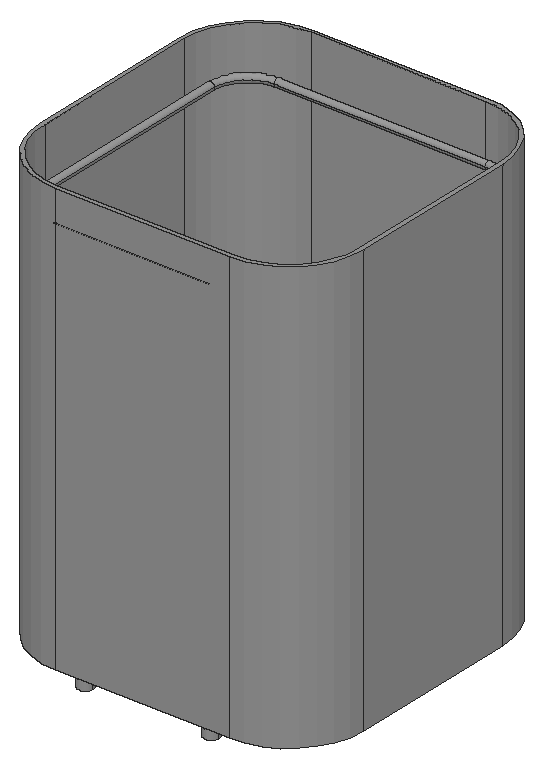
Revit family "Magnuson-Drop-Waste_Bin-Without_Lid-1", category Furniture, Revit 2014
Parameters (values of type "Drop Mini")
  Width = 220.000 mm
  URL = "www.magnusongroup.com"
  Type Comments = "Drop Waste Receptacles"  # constant formula
  Salvage or Reuse = yes
  Percentage of Recycled Content = 0
  Painted Steel = Forged Grey
  Model = "Drop Mini"
  Manufacturer = "Magnuson Group"  # constant formula
  Low Emitting Material = yes
  Low Emitting Finish = yes
  Keynote = "12500"
  Height = 300.000 mm
  Description = "Metal waste bin with stainless steel bag ring. Capacity 9.51 gallons"
  Depth = 220.000 mm
  Cost = 0
  Assembly Code = "E2020200"
Types (3, lengths in mm): name | Width | Model | Height | Description | Depth
  Drop-10 | 350.000 | "Drop-10" | 373.000 | "Metal waste bin with stainless steel bag ring. Capacity 7.66 gallons" | 220.000
  Drop-20 | 420.000 | "Drop-20" | 480.000 | "Metal waste bin with stainless steel bag ring. Capacity 9.51 gallons" | 180.000
  Drop Mini | 220.000 | "Drop Mini" | 300.000 | "Metal waste bin with stainless steel bag ring. Capacity 9.51 gallons" | 220.000
Reference planes
  plane 1 "Center (Front/Back)": y = 0
  plane 2: z = 0
  plane 3 "Center (Left/Right)": x = 0
  plane 4: y = 110
  plane 5: y = -110
  plane 6: x = -110
  plane 7: x = 110
  plane 8: z = 300
  plane 9: z = 6.35
  plane 10: z = 270.511
  plane 11: z = 8.89
  plane 12: y = 104.92
  plane 13: y = -104.92
  plane 14: x = 42.842
  plane 15: x = -42.842
  plane 16: x = -107.46
  plane 17: x = 107.46
  plane 18: y = 107.46
  plane 19: y = -107.46
  plane 20: y = 94.557
  plane 21: y = -94.557
  plane 22: x = -97.148
  plane 23: x = 97.148
  plane 24: x = 99.688
  plane 25: x = 94.608
  plane 26: x = -94.608
  plane 27: x = -99.688
  plane 28: y = 92.017
  plane 29: y = 97.097
  plane 30: y = -92.017
  plane 31: y = -97.097
Forms (mm)
  Extrusion 1, solid, material "Forged Grey" <- "Painted Steel"
    sketch origin (0, 0, 0) x (1, 0, 0) y (0, 1, 0)
      loop
        arc (-59.2, 110) -> (-95.121, 95.121) -> (-110, 59.2) r 50.8
        line (-110, 59.2) -> (-110, -59.2)
        arc (-110, -59.2) -> (-95.121, -95.121) -> (-59.2, -110) r 50.8
        line (-59.2, -110) -> (59.2, -110)
        arc (59.2, -110) -> (95.121, -95.121) -> (110, -59.2) r 50.8
        line (110, -59.2) -> (110, 59.2)
        arc (110, 59.2) -> (95.121, 95.121) -> (59.2, 110) r 50.8
        line (59.2, 110) -> (-59.2, 110)
      loop
        arc (-59.2, 107.46) -> (-93.325, 93.325) -> (-107.46, 59.2) r 48.26
        line (-107.46, 59.2) -> (-107.46, -59.2)
        arc (-107.46, -59.2) -> (-93.325, -93.325) -> (-59.2, -107.46) r 48.26
        line (-59.2, -107.46) -> (59.2, -107.46)
        arc (59.2, -107.46) -> (93.325, -93.325) -> (107.46, -59.2) r 48.26
        line (107.46, -59.2) -> (107.46, 59.2)
        arc (107.46, 59.2) -> (93.325, 93.325) -> (59.2, 107.46) r 48.26
        line (59.2, 107.46) -> (-59.2, 107.46)
    from 6.35 to 300
  Extrusion 2, solid
    sketch origin (0, 0, 0) x (1, 0, 0) y (0, 1, 0)
      loop
        line (-107.46, 59.2) -> (-107.46, -59.2)
        arc (-107.46, -59.2) -> (-93.325, -93.325) -> (-59.2, -107.46) r 48.26
        line (-59.2, -107.46) -> (59.2, -107.46)
        arc (59.2, -107.46) -> (93.325, -93.325) -> (107.46, -59.2) r 48.26
        line (107.46, -59.2) -> (107.46, 59.2)
        arc (107.46, 59.2) -> (93.325, 93.325) -> (59.2, 107.46) r 48.26
        line (59.2, 107.46) -> (-59.2, 107.46)
        arc (-59.2, 107.46) -> (-93.325, 93.325) -> (-107.46, 59.2) r 48.26
    from 6.35 to 8.89
  Extrusion 3, solid, material "PVC_Black"
    sketch origin (0, 0, 0) x (1, 0, 0) y (0, 1, 0)
      loop
        circle (42.842, 104.92) r 5.08
      loop
        circle (42.842, -104.92) r 5.08
      loop
        circle (-42.842, 104.92) r 5.08
      loop
        circle (-42.842, -104.92) r 5.08
    from 0 to 6.35
  Sweep 4, solid, material "Stainless Steel"
    path origin (-247.116, -1524, 270.511) x (-1, 0, 0) y (0, -1, 0)
      loop
        line (-149.968, -1593.157) -> (-149.968, -1454.843)
        arc (-149.968, -1454.843) -> (-157.407, -1436.883) -> (-175.368, -1429.443) r 25.4
        line (-175.368, -1429.443) -> (-318.863, -1429.443)
        arc (-318.863, -1429.443) -> (-336.824, -1436.883) -> (-344.263, -1454.843) r 25.4
        line (-344.263, -1454.843) -> (-344.263, -1593.157)
        arc (-344.263, -1593.157) -> (-336.824, -1611.117) -> (-318.863, -1618.557) r 25.4
        line (-318.863, -1618.557) -> (-175.368, -1618.557)
        arc (-175.368, -1618.557) -> (-157.407, -1611.117) -> (-149.968, -1593.157) r 25.4
    profile origin (-89.708, 87.117, 270.511) x (-0.707107, 0.707107, 0) y (0, 0, 1)
      loop
        circle (0, 0) r 2.54
Lines and regions (mm)
  symbolic lines, style "InvisibleLines"
    curve 1: line (-71.748, 94.557, 0) -> (71.748, 94.557, 0)
    curve 2: line (-97.148, -69.157, 0) -> (-97.148, 69.157, 0)
    curve 3: line (71.748, -94.557, 0) -> (-71.748, -94.557, 0)
    curve 4: line (97.148, 69.157, 0) -> (97.148, -69.157, 0)
    curve 5: arc (-97.148, 69.157, 0) -> (-89.708, 87.117, 0) -> (-71.748, 94.557, 0) r 25.4
    curve 6: arc (97.148, 69.157, 0) -> (89.708, 87.117, 0) -> (71.748, 94.557, 0) r 25.4
    curve 7: arc (-97.148, -69.157, 0) -> (-89.708, -87.117, 0) -> (-71.748, -94.557, 0) r 25.4
    curve 8: arc (97.148, -69.157, 0) -> (89.708, -87.117, 0) -> (71.748, -94.557, 0) r 25.4
  symbolic lines
    curve 9: line (59.2, 110, 270.511) -> (-59.2, 110, 270.511)
    curve 10: arc (-59.2, 110, 270.511) -> (-95.121, 95.121, 270.511) -> (-110, 59.2, 270.511) r 50.8
    curve 11: line (-110, 59.2, 270.511) -> (-110, -59.2, 270.511)
    curve 12: arc (-110, -59.2, 270.511) -> (-95.121, -95.121, 270.511) -> (-59.2, -110, 270.511) r 50.8
    curve 13: line (-59.2, -110, 270.511) -> (59.2, -110, 270.511)
    curve 14: arc (59.2, -110, 270.511) -> (95.121, -95.121, 270.511) -> (110, -59.2, 270.511) r 50.8
    curve 15: line (110, -59.2, 270.511) -> (110, 59.2, 270.511)
    curve 16: arc (110, 59.2, 270.511) -> (95.121, 95.121, 270.511) -> (59.2, 110, 270.511) r 50.8
    curve 17: arc (-107.46, 59.2, 270.511) -> (-93.325, 93.325, 270.511) -> (-59.2, 107.46, 270.511) r 48.26
    curve 18: line (-59.2, 107.46, 270.511) -> (59.2, 107.46, 270.511)
    curve 19: arc (59.2, 107.46, 270.511) -> (93.325, 93.325, 270.511) -> (107.46, 59.2, 270.511) r 48.26
    curve 20: line (107.46, 59.2, 270.511) -> (107.46, -59.2, 270.511)
    curve 21: arc (107.46, -59.2, 270.511) -> (93.325, -93.325, 270.511) -> (59.2, -107.46, 270.511) r 48.26
    curve 22: line (59.2, -107.46, 270.511) -> (-59.2, -107.46, 270.511)
    curve 23: arc (-59.2, -107.46, 270.511) -> (-93.325, -93.325, 270.511) -> (-107.46, -59.2, 270.511) r 48.26
    curve 24: line (-107.46, -59.2, 270.511) -> (-107.46, 59.2, 270.511)
    curve 25: line (-71.748, -92.017, 270.511) -> (71.748, -92.017, 270.511)
    curve 26: line (71.748, -97.097, 270.511) -> (-71.748, -97.097, 270.511)
    curve 27: line (-99.688, -69.157, 270.511) -> (-99.688, 69.157, 270.511)
    curve 28: line (-94.608, 69.157, 270.511) -> (-94.608, -69.157, 270.511)
    curve 29: line (71.748, 92.017, 270.511) -> (-71.748, 92.017, 270.511)
    curve 30: line (-71.748, 97.097, 270.511) -> (71.748, 97.097, 270.511)
    curve 31: line (94.608, -69.157, 270.511) -> (94.608, 69.157, 270.511)
    curve 32: line (99.688, 69.157, 270.511) -> (99.688, -69.157, 270.511)
    curve 33: arc (-99.688, 69.157, 270.511) -> (-91.504, 88.913, 270.511) -> (-71.748, 97.097, 270.511) r 27.94
    curve 34: arc (-71.748, 92.017, 270.511) -> (-87.912, 85.321, 270.511) -> (-94.608, 69.157, 270.511) r 22.86
    curve 35: arc (99.688, 69.157, 270.511) -> (91.504, 88.913, 270.511) -> (71.748, 97.097, 270.511) r 27.94
    curve 36: arc (71.748, 92.017, 270.511) -> (87.912, 85.321, 270.511) -> (94.608, 69.157, 270.511) r 22.86
    curve 37: arc (-99.688, -69.157, 270.511) -> (-91.504, -88.913, 270.511) -> (-71.748, -97.097, 270.511) r 27.94
    curve 38: arc (-71.748, -92.017, 270.511) -> (-87.912, -85.321, 270.511) -> (-94.608, -69.157, 270.511) r 22.86
    curve 39: arc (99.688, -69.157, 270.511) -> (91.504, -88.913, 270.511) -> (71.748, -97.097, 270.511) r 27.94
    curve 40: arc (71.748, -92.017, 270.511) -> (87.912, -85.321, 270.511) -> (94.608, -69.157, 270.511) r 22.86
Dimensions and locks
  equal spacing: plane 5, plane 1 "Center (Front/Back)", plane 4
  "Depth": plane 4 to plane 5
  equal spacing: plane 6, plane 3 "Center (Left/Right)", plane 7
  "Width": plane 6 to plane 7
  "Height": plane 8 to plane 2
  plane 11 to plane 9 to plane 2 = 2.540 mm locked, 6.350 mm locked
  locked: plane 8 to plane 10 at 29.489
  locked: plane 4 to plane 12 at 5.08
  locked: plane 5 to plane 13 at 5.08
  locked: plane 14 to plane 7 at 67.158
  locked: plane 6 to plane 15 at 67.158
  locked: plane 6 to plane 16 at 2.54
  locked: plane 17 to plane 7 at 2.54
  locked: plane 4 to plane 18 at 2.54
  locked: plane 5 to plane 19 at 2.54
  locked: plane 4 to plane 20 at 15.443
  locked: plane 5 to plane 21 at 15.443
  locked: plane 6 to plane 22 at 12.852
  locked: plane 23 to plane 7 at 12.852
  plane 31 to plane 21 to plane 30 = 2.540 mm locked, 2.540 mm locked
  plane 28 to plane 20 to plane 29 = 2.540 mm locked, 2.540 mm locked
  plane 25 to plane 23 to plane 24 = 2.540 mm locked, 2.540 mm locked
  plane 27 to plane 22 to plane 26 = 2.540 mm locked, 2.540 mm locked
  aligned and locked: level to plane 2
  aligned and locked: Extrusion 1 sketch curve to plane 4
  aligned and locked: plane 6 to Extrusion 1 sketch curve
  aligned and locked: Extrusion 1 sketch curve to plane 5
  aligned and locked: plane 7 to Extrusion 1 sketch curve
  aligned and locked: Extrusion 1 sketch curve to plane 18
  aligned and locked: plane 16 to Extrusion 1 sketch curve
  aligned and locked: Extrusion 1 sketch curve to plane 19
  aligned and locked: plane 17 to Extrusion 1 sketch curve
  aligned and locked: Extrusion 1 to plane 9
  aligned and locked: Extrusion 2 sketch curve to Extrusion 1  (x4)
  aligned and locked: Extrusion 2 to plane 9
  aligned and locked: plane 11 to Extrusion 2
  aligned and locked: plane 8 to Extrusion 1
  aligned and locked: plane 14 to Extrusion 3 sketch curve
  aligned and locked: plane 12 to Extrusion 3 sketch curve  (x2)
  aligned and locked: Extrusion 3 sketch curve to plane 14
  aligned and locked: Extrusion 3 sketch curve to plane 13  (x2)
  aligned and locked: plane 15 to Extrusion 3 sketch curve  (x2)
  aligned and locked: Extrusion 3 to level
  aligned and locked: plane 9 to Extrusion 3
  aligned and locked: curve 1 to plane 20
  aligned and locked: plane 22 to curve 2
  aligned and locked: curve 3 to plane 21
  aligned and locked: plane 23 to curve 4
  aligned and locked: Sweep 4 sketch curve to curve 5
  aligned and locked: Sweep 4 sketch curve to curve 6
  aligned and locked: Sweep 4 sketch curve to curve 7
  aligned and locked: Sweep 4 sketch curve to curve 8
  aligned and locked: plane 30 to curve 25
  aligned and locked: curve 26 to plane 31
  aligned and locked: curve 29 to plane 28
  aligned and locked: plane 29 to curve 30
  aligned and locked: plane 26 to curve 28
  aligned and locked: curve 27 to plane 27
  aligned and locked: curve 31 to plane 25
  aligned and locked: plane 24 to curve 32
Automatic sketch dimensions
  Extrusion 1 sketch curve to Extrusion 1 sketch curve = 0.000 mm  (x4)
  plane 15 to Extrusion 1 sketch curve = 16.358 mm  (x2)
  plane 14 to Extrusion 1 sketch curve = 16.358 mm  (x2)
  curve 7 to plane 21 = 25.400 mm
  curve 5 to plane 20 = 25.400 mm
  curve 6 to plane 20 = 25.400 mm
  curve 4 to plane 21 = 25.400 mm
  plane 10 to Sweep 4 sketch curve = 0.000 mm
  Sweep 4 sketch curve to profile plane = 0.000 mm
  curve 10 to curve 17 = 0.000 mm  (x2)
  curve 12 to curve 23 = 0.000 mm  (x2)
  curve 14 to curve 21 = 0.000 mm  (x2)
  curve 16 to curve 19 = 0.000 mm
  curve 33 to curve 34 = 0.000 mm
  curve 35 to curve 36 = 0.000 mm
  curve 37 to curve 38 = 0.000 mm
  curve 39 to curve 40 = 0.000 mm
  curve 15 to plane 7 = 0.000 mm
  curve 21 to plane 17 = 0.000 mm
  curve 19 to plane 18 = 0.000 mm
  plane 19 to curve 21 = 0.000 mm
  curve 24 to plane 16 = 0.000 mm
  curve 40 to curve 39 = 22.860 mm
  plane 25 to curve 30 = 22.860 mm
  curve 35 to curve 19 = 12.548 mm
  curve 40 to curve 21 = 12.548 mm
  plane 15 to curve 22 = 16.358 mm
  plane 15 to curve 9 = 16.358 mm
  curve 17 to curve 30 = 12.548 mm
  curve 12 to curve 37 = 12.548 mm
  radius of Extrusion 3 sketch curve = 5.080 mm  (x4)
  radius of Sweep 4 sketch curve = 2.540 mm
